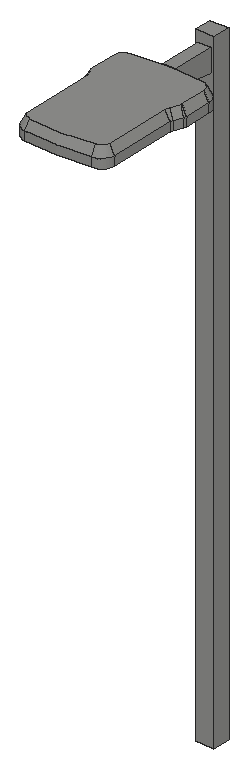
Revit family "VP-4-A", category Lighting Fixtures, host Face, Revit 2019 (continued)
Definition of nested family "SIZE4"
  Forms (in)
    Extrusion 49, solid, material <- "Glass"
      sketch origin (-5, 0, -5.875) x (-1, 0, 0) y (0, 0, -1)
        loop
          arc (-2.59181, -28.0909) -> (-2.66504, -27.91412) -> (-2.84181, -27.8409) r 0.25
          line (-2.84181, -27.8409) -> (-7.16655, -27.8409)
          arc (-7.16655, -27.8409) -> (-7.34333, -27.91412) -> (-7.41655, -28.0909) r 0.25
          line (-7.41655, -28.0909) -> (-7.41655, -32.5909)
          arc (-7.41655, -32.5909) -> (-7.34333, -32.76768) -> (-7.16655, -32.8409) r 0.25
      from 1.35 to 1.37213
    Extrusion 50, solid, material <- "Glass"
      sketch origin (0.375, 0, -11.375) x (1, 0, 0) y (0, 0, 1)
        loop
          circle (-7.47829, 32.33694) r 0.15
        loop
          circle (-6.95955, 32.33694) r 0.15
        loop
          circle (-6.4408, 32.33694) r 0.15
        loop
          circle (-5.92205, 32.33694) r 0.15
        loop
          circle (-5.4033, 32.33694) r 0.15
        loop
          circle (-4.88455, 32.33694) r 0.15
        loop
          circle (-4.3658, 32.33694) r 0.15
        loop
          circle (-3.84705, 32.33694) r 0.15
        loop
          circle (-3.32831, 32.33694) r 0.15
        loop
          circle (-7.47829, 31.83694) r 0.15
        loop
          circle (-6.95955, 31.83694) r 0.15
        loop
          circle (-6.4408, 31.83694) r 0.15
        loop
          circle (-5.92205, 31.83694) r 0.15
        loop
          circle (-5.4033, 31.83694) r 0.15
        loop
          circle (-4.88455, 31.83694) r 0.15
        loop
          circle (-4.3658, 31.83694) r 0.15
        loop
          circle (-3.84705, 31.83694) r 0.15
        loop
          circle (-3.32831, 31.83694) r 0.15
        loop
          circle (-7.47829, 31.33694) r 0.15
        loop
          circle (-6.95955, 31.33694) r 0.15
        loop
          circle (-6.4408, 31.33694) r 0.15
        loop
          circle (-5.92205, 31.33694) r 0.15
        loop
          circle (-5.4033, 31.33694) r 0.15
        loop
          circle (-4.88455, 31.33694) r 0.15
        loop
          circle (-4.3658, 31.33694) r 0.15
        loop
          circle (-3.84705, 31.33694) r 0.15
        loop
          circle (-3.32831, 31.33694) r 0.15
        loop
          circle (-7.47829, 30.83694) r 0.15
        loop
          circle (-6.95955, 30.83694) r 0.15
        loop
          circle (-6.4408, 30.83694) r 0.15
        loop
          circle (-5.92205, 30.83694) r 0.15
        loop
          circle (-5.4033, 30.83694) r 0.15
        loop
          circle (-4.88455, 30.83694) r 0.15
        loop
          circle (-4.3658, 30.83694) r 0.15
        loop
          circle (-3.84705, 30.83694) r 0.15
        loop
          circle (-3.32831, 30.83694) r 0.15
        loop
          circle (-7.47829, 30.33694) r 0.15
        loop
          circle (-6.95955, 30.33694) r 0.15
        loop
          circle (-6.4408, 30.33694) r 0.15
        loop
          circle (-5.92205, 30.33694) r 0.15
        loop
          circle (-5.4033, 30.33694) r 0.15
        loop
          circle (-4.88455, 30.33694) r 0.15
        loop
          circle (-4.3658, 30.33694) r 0.15
        loop
          circle (-3.84705, 30.33694) r 0.15
        loop
          circle (-3.32831, 30.33694) r 0.15
        loop
          circle (-7.47829, 29.83694) r 0.15
        loop
          circle (-6.95955, 29.83694) r 0.15
        loop
          circle (-6.4408, 29.83694) r 0.15
        loop
          circle (-5.92205, 29.83694) r 0.15
        loop
          circle (-5.4033, 29.83694) r 0.15
        loop
          circle (-4.88455, 29.83694) r 0.15
        loop
          circle (-4.3658, 29.83694) r 0.15
        loop
          circle (-3.84705, 29.83694) r 0.15
        loop
          circle (-3.32831, 29.83694) r 0.15
        loop
          circle (-7.47829, 29.33694) r 0.15
        loop
          circle (-6.95955, 29.33694) r 0.15
        loop
          circle (-6.4408, 29.33694) r 0.15
        loop
          circle (-5.92205, 29.33694) r 0.15
        loop
          circle (-5.4033, 29.33694) r 0.15
        loop
          circle (-4.88455, 29.33694) r 0.15
        loop
          circle (-4.3658, 29.33694) r 0.15
        loop
          circle (-3.84705, 29.33694) r 0.15
        loop
          circle (-3.32831, 29.33694) r 0.15
        loop
          circle (-7.47829, 28.83694) r 0.15
        loop
          circle (-6.95955, 28.83694) r 0.15
        loop
          circle (-6.4408, 28.83694) r 0.15
        loop
          circle (-5.92205, 28.83694) r 0.15
        loop
          circle (-5.4033, 28.83694) r 0.15
        loop
          circle (-4.88455, 28.83694) r 0.15
        loop
          circle (-4.3658, 28.83694) r 0.15
        loop
          circle (-3.84705, 28.83694) r 0.15
        loop
          circle (-3.32831, 28.83694) r 0.15
        loop
          circle (-7.47829, 28.33694) r 0.15
        loop
          circle (-6.95955, 28.33694) r 0.15
        loop
          circle (-6.4408, 28.33694) r 0.15
        loop
          circle (-5.92205, 28.33694) r 0.15
        loop
          circle (-5.4033, 28.33694) r 0.15
        loop
          circle (-4.88455, 28.33694) r 0.15
        loop
          circle (-4.3658, 28.33694) r 0.15
        loop
          circle (-3.84705, 28.33694) r 0.15
        loop
          circle (-3.32831, 28.33694) r 0.15
      from 1.35 to 1.4
    Extrusion 51, solid, material <- "Glass"
      sketch origin (0, 0, -11.375) x (1, 0, 0) y (0, 0, 1)
        loop
          arc (-7.16655, 32.8409) -> (-7.34333, 32.76768) -> (-7.41655, 32.5909) r 0.25
          line (-7.41655, 32.5909) -> (-7.41655, 28.0909)
          arc (-7.41655, 28.0909) -> (-7.34333, 27.91412) -> (-7.16655, 27.8409) r 0.25
          line (-7.16655, 27.8409) -> (-2.81123, 27.8409)
          arc (-2.81123, 27.8409) -> (-2.63446, 27.91412) -> (-2.56123, 28.0909) r 0.25
          line (-2.56123, 28.0909) -> (-2.56123, 32.5909)
          arc (-2.56123, 32.5909) -> (-2.63446, 32.76768) -> (-2.81123, 32.8409) r 0.25
          line (-2.81123, 32.8409) -> (-7.16655, 32.8409)
      from 1.35 to 1.37213
    Extrusion 52, solid, material <- "Glass"
      sketch origin (-0.375, 0, -11.375) x (-1, 0, 0) y (0, 0, -1)
        loop
          circle (-7.47829, -32.33694) r 0.15
        loop
          circle (-6.95955, -32.33694) r 0.15
        loop
          circle (-6.4408, -32.33694) r 0.15
        loop
          circle (-5.92205, -32.33694) r 0.15
        loop
          circle (-5.4033, -32.33694) r 0.15
        loop
          circle (-4.88455, -32.33694) r 0.15
        loop
          circle (-4.3658, -32.33694) r 0.15
        loop
          circle (-3.84705, -32.33694) r 0.15
        loop
          circle (-3.32831, -32.33694) r 0.15
        loop
          circle (-7.47829, -31.83694) r 0.15
        loop
          circle (-6.95955, -31.83694) r 0.15
        loop
          circle (-6.4408, -31.83694) r 0.15
        loop
          circle (-5.92205, -31.83694) r 0.15
        loop
          circle (-5.4033, -31.83694) r 0.15
        loop
          circle (-4.88455, -31.83694) r 0.15
        loop
          circle (-4.3658, -31.83694) r 0.15
        loop
          circle (-3.84705, -31.83694) r 0.15
        loop
          circle (-3.32831, -31.83694) r 0.15
        loop
          circle (-7.47829, -31.33694) r 0.15
        loop
          circle (-6.95955, -31.33694) r 0.15
        loop
          circle (-6.4408, -31.33694) r 0.15
        loop
          circle (-5.92205, -31.33694) r 0.15
        loop
          circle (-5.4033, -31.33694) r 0.15
        loop
          circle (-4.88455, -31.33694) r 0.15
        loop
          circle (-4.3658, -31.33694) r 0.15
        loop
          circle (-3.84705, -31.33694) r 0.15
        loop
          circle (-3.32831, -31.33694) r 0.15
        loop
          circle (-7.47829, -30.83694) r 0.15
        loop
          circle (-6.95955, -30.83694) r 0.15
        loop
          circle (-6.4408, -30.83694) r 0.15
        loop
          circle (-5.92205, -30.83694) r 0.15
        loop
          circle (-5.4033, -30.83694) r 0.15
        loop
          circle (-4.88455, -30.83694) r 0.15
        loop
          circle (-4.3658, -30.83694) r 0.15
        loop
          circle (-3.84705, -30.83694) r 0.15
        loop
          circle (-3.32831, -30.83694) r 0.15
        loop
          circle (-7.47829, -30.33694) r 0.15
        loop
          circle (-6.95955, -30.33694) r 0.15
        loop
          circle (-6.4408, -30.33694) r 0.15
        loop
          circle (-5.92205, -30.33694) r 0.15
        loop
          circle (-5.4033, -30.33694) r 0.15
        loop
          circle (-4.88455, -30.33694) r 0.15
        loop
          circle (-4.3658, -30.33694) r 0.15
        loop
          circle (-3.84705, -30.33694) r 0.15
        loop
          circle (-3.32831, -30.33694) r 0.15
        loop
          circle (-7.47829, -29.83694) r 0.15
        loop
          circle (-6.95955, -29.83694) r 0.15
        loop
          circle (-6.4408, -29.83694) r 0.15
        loop
          circle (-5.92205, -29.83694) r 0.15
        loop
          circle (-5.4033, -29.83694) r 0.15
        loop
          circle (-4.88455, -29.83694) r 0.15
        loop
          circle (-4.3658, -29.83694) r 0.15
        loop
          circle (-3.84705, -29.83694) r 0.15
        loop
          circle (-3.32831, -29.83694) r 0.15
        loop
          circle (-7.47829, -29.33694) r 0.15
        loop
          circle (-6.95955, -29.33694) r 0.15
        loop
          circle (-6.4408, -29.33694) r 0.15
        loop
          circle (-5.92205, -29.33694) r 0.15
        loop
          circle (-5.4033, -29.33694) r 0.15
        loop
          circle (-4.88455, -29.33694) r 0.15
        loop
          circle (-4.3658, -29.33694) r 0.15
        loop
          circle (-3.84705, -29.33694) r 0.15
        loop
          circle (-3.32831, -29.33694) r 0.15
        loop
          circle (-7.47829, -28.83694) r 0.15
        loop
          circle (-6.95955, -28.83694) r 0.15
        loop
          circle (-6.4408, -28.83694) r 0.15
        loop
          circle (-5.92205, -28.83694) r 0.15
        loop
          circle (-5.4033, -28.83694) r 0.15
        loop
          circle (-4.88455, -28.83694) r 0.15
        loop
          circle (-4.3658, -28.83694) r 0.15
        loop
          circle (-3.84705, -28.83694) r 0.15
        loop
          circle (-3.32831, -28.83694) r 0.15
        loop
          circle (-7.47829, -28.33694) r 0.15
        loop
          circle (-6.95955, -28.33694) r 0.15
        loop
          circle (-6.4408, -28.33694) r 0.15
        loop
          circle (-5.92205, -28.33694) r 0.15
        loop
          circle (-5.4033, -28.33694) r 0.15
        loop
          circle (-4.88455, -28.33694) r 0.15
        loop
          circle (-4.3658, -28.33694) r 0.15
        loop
          circle (-3.84705, -28.33694) r 0.15
        loop
          circle (-3.32831, -28.33694) r 0.15
      from 1.35 to 1.4
    Extrusion 53, solid, material <- "Glass"
      sketch origin (0, 0, -11.375) x (-1, 0, 0) y (0, 0, -1)
        loop
          line (-7.16655, -32.8409) -> (-2.84181, -32.8409)
          arc (-2.84181, -32.8409) -> (-2.66504, -32.76768) -> (-2.59181, -32.5909) r 0.25
          line (-2.59181, -32.5909) -> (-2.59181, -28.0909)
          arc (-2.59181, -28.0909) -> (-2.66504, -27.91412) -> (-2.84181, -27.8409) r 0.25
          line (-2.84181, -27.8409) -> (-7.16655, -27.8409)
          arc (-7.16655, -27.8409) -> (-7.34333, -27.91412) -> (-7.41655, -28.0909) r 0.25
          line (-7.41655, -28.0909) -> (-7.41655, -32.5909)
          arc (-7.41655, -32.5909) -> (-7.34333, -32.76768) -> (-7.16655, -32.8409) r 0.25
      from 1.35 to 1.37213
    Extrusion 54, solid, material <- "Glass"
      sketch origin (-5.375, 0, -11.375) x (-1, 0, 0) y (0, 0, -1)
        loop
          circle (-7.47829, -32.33694) r 0.15
        loop
          circle (-6.95955, -32.33694) r 0.15
        loop
          circle (-6.4408, -32.33694) r 0.15
        loop
          circle (-5.92205, -32.33694) r 0.15
        loop
          circle (-5.4033, -32.33694) r 0.15
        loop
          circle (-4.88455, -32.33694) r 0.15
        loop
          circle (-4.3658, -32.33694) r 0.15
        loop
          circle (-3.84705, -32.33694) r 0.15
        loop
          circle (-3.32831, -32.33694) r 0.15
        loop
          circle (-7.47829, -31.83694) r 0.15
        loop
          circle (-6.95955, -31.83694) r 0.15
        loop
          circle (-6.4408, -31.83694) r 0.15
        loop
          circle (-5.92205, -31.83694) r 0.15
        loop
          circle (-5.4033, -31.83694) r 0.15
        loop
          circle (-4.88455, -31.83694) r 0.15
        loop
          circle (-4.3658, -31.83694) r 0.15
        loop
          circle (-3.84705, -31.83694) r 0.15
        loop
          circle (-3.32831, -31.83694) r 0.15
        loop
          circle (-7.47829, -31.33694) r 0.15
        loop
          circle (-6.95955, -31.33694) r 0.15
        loop
          circle (-6.4408, -31.33694) r 0.15
        loop
          circle (-5.92205, -31.33694) r 0.15
        loop
          circle (-5.4033, -31.33694) r 0.15
        loop
          circle (-4.88455, -31.33694) r 0.15
        loop
          circle (-4.3658, -31.33694) r 0.15
        loop
          circle (-3.84705, -31.33694) r 0.15
        loop
          circle (-3.32831, -31.33694) r 0.15
        loop
          circle (-7.47829, -30.83694) r 0.15
        loop
          circle (-6.95955, -30.83694) r 0.15
        loop
          circle (-6.4408, -30.83694) r 0.15
        loop
          circle (-5.92205, -30.83694) r 0.15
        loop
          circle (-5.4033, -30.83694) r 0.15
        loop
          circle (-4.88455, -30.83694) r 0.15
        loop
          circle (-4.3658, -30.83694) r 0.15
        loop
          circle (-3.84705, -30.83694) r 0.15
        loop
          circle (-3.32831, -30.83694) r 0.15
        loop
          circle (-7.47829, -30.33694) r 0.15
        loop
          circle (-6.95955, -30.33694) r 0.15
        loop
          circle (-6.4408, -30.33694) r 0.15
        loop
          circle (-5.92205, -30.33694) r 0.15
        loop
          circle (-5.4033, -30.33694) r 0.15
        loop
          circle (-4.88455, -30.33694) r 0.15
        loop
          circle (-4.3658, -30.33694) r 0.15
        loop
          circle (-3.84705, -30.33694) r 0.15
        loop
          circle (-3.32831, -30.33694) r 0.15
        loop
          circle (-7.47829, -29.83694) r 0.15
        loop
          circle (-6.95955, -29.83694) r 0.15
        loop
          circle (-6.4408, -29.83694) r 0.15
        loop
          circle (-5.92205, -29.83694) r 0.15
        loop
          circle (-5.4033, -29.83694) r 0.15
        loop
          circle (-4.88455, -29.83694) r 0.15
        loop
          circle (-4.3658, -29.83694) r 0.15
        loop
          circle (-3.84705, -29.83694) r 0.15
        loop
          circle (-3.32831, -29.83694) r 0.15
        loop
          circle (-7.47829, -29.33694) r 0.15
        loop
          circle (-6.95955, -29.33694) r 0.15
        loop
          circle (-6.4408, -29.33694) r 0.15
        loop
          circle (-5.92205, -29.33694) r 0.15
        loop
          circle (-5.4033, -29.33694) r 0.15
        loop
          circle (-4.88455, -29.33694) r 0.15
        loop
          circle (-4.3658, -29.33694) r 0.15
        loop
          circle (-3.84705, -29.33694) r 0.15
        loop
          circle (-3.32831, -29.33694) r 0.15
        loop
          circle (-7.47829, -28.83694) r 0.15
        loop
          circle (-6.95955, -28.83694) r 0.15
        loop
          circle (-6.4408, -28.83694) r 0.15
        loop
          circle (-5.92205, -28.83694) r 0.15
        loop
          circle (-5.4033, -28.83694) r 0.15
        loop
          circle (-4.88455, -28.83694) r 0.15
        loop
          circle (-4.3658, -28.83694) r 0.15
        loop
          circle (-3.84705, -28.83694) r 0.15
        loop
          circle (-3.32831, -28.83694) r 0.15
        loop
          circle (-7.47829, -28.33694) r 0.15
        loop
          circle (-6.95955, -28.33694) r 0.15
        loop
          circle (-6.4408, -28.33694) r 0.15
        loop
          circle (-5.92205, -28.33694) r 0.15
        loop
          circle (-5.4033, -28.33694) r 0.15
        loop
          circle (-4.88455, -28.33694) r 0.15
        loop
          circle (-4.3658, -28.33694) r 0.15
        loop
          circle (-3.84705, -28.33694) r 0.15
        loop
          circle (-3.32831, -28.33694) r 0.15
      from 1.35 to 1.4
    Extrusion 55, solid, material <- "Glass"
      sketch origin (-5, 0, -11.375) x (-1, 0, 0) y (0, 0, -1)
        loop
          line (-7.16655, -32.8409) -> (-2.84181, -32.8409)
          arc (-2.84181, -32.8409) -> (-2.66504, -32.76768) -> (-2.59181, -32.5909) r 0.25
          line (-2.59181, -32.5909) -> (-2.59181, -28.0909)
          arc (-2.59181, -28.0909) -> (-2.66504, -27.91412) -> (-2.84181, -27.8409) r 0.25
          line (-2.84181, -27.8409) -> (-7.16655, -27.8409)
          arc (-7.16655, -27.8409) -> (-7.34333, -27.91412) -> (-7.41655, -28.0909) r 0.25
          line (-7.41655, -28.0909) -> (-7.41655, -32.5909)
          arc (-7.41655, -32.5909) -> (-7.34333, -32.76768) -> (-7.16655, -32.8409) r 0.25
      from 1.35 to 1.37213
    Extrusion 56, solid, material <- "Fixture"
      sketch origin (0.125, 0, 2.5) x (1, 0, 0) y (0, 0, 1)
        loop
          arc (8.61601, 29.87811) -> (7.91353, 31.61742) -> (6.20018, 32.38102) r 2.50448
          arc (6.20018, 32.38102) -> (-0.18326, 32.81078) -> (-6.56625, 32.37421) r 47.24839
          arc (-6.56625, 32.37421) -> (-8.20342, 31.57512) -> (-8.86601, 29.87811) r 2.50448
          line (-8.86601, 29.87811) -> (-8.86601, 16.83541)
          arc (-8.86601, 16.83541) -> (-8.89448, 16.52871) -> (-8.97892, 16.2325) r 1.66606
          line (-8.97892, 16.2325) -> (-9.6766, 14.43524)
          arc (-9.6766, 14.43524) -> (-9.74427, 14.21755) -> (-9.78142, 13.99263) r 1.65645
          line (-9.78142, 13.99263) -> (-9.78142, 8.65741)
          arc (-9.78142, 8.65741) -> (-8.97209, 6.60779) -> (-6.98078, 5.66404) r 3
          arc (-6.98078, 5.66404) -> (0.01001, 4.99965) -> (7.00057, 5.66642) r 37.04471
          arc (7.00057, 5.66642) -> (8.81758, 6.67941) -> (9.53886, 8.63067) r 3
          line (9.53886, 8.63067) -> (9.53886, 13.83581)
          arc (9.53886, 13.83581) -> (9.51055, 14.14073) -> (9.4266, 14.43524) r 1.65645
          line (9.4266, 14.43524) -> (8.72892, 16.2325)
          arc (8.72892, 16.2325) -> (8.64448, 16.52871) -> (8.61601, 16.83541) r 1.66606
          line (8.61601, 16.83541) -> (8.61601, 29.87811)
      from 0 to 1.74
    Blend 57, solid, material <- "Fixture"
      base sketch origin (0, 0, 0) x (1, 0, 0) y (0, 0, 1)
        loop
          arc (-9.5516, 16.93524) -> (-9.61927, 16.71755) -> (-9.65642, 16.49263) r 1.65645
          line (-9.65642, 16.49263) -> (-9.65642, 11.15741)
          arc (-9.65642, 11.15741) -> (-8.84709, 9.10779) -> (-6.85578, 8.16404) r 3
          arc (-6.85578, 8.16404) -> (0.13501, 7.49965) -> (7.12557, 8.16642) r 37.04471
          arc (7.12557, 8.16642) -> (8.94258, 9.17941) -> (9.66386, 11.13067) r 3
          line (9.66386, 11.13067) -> (9.66386, 16.33581)
          arc (9.66386, 16.33581) -> (9.63555, 16.64073) -> (9.5516, 16.93524) r 1.65645
          line (9.5516, 16.93524) -> (8.85392, 18.7325)
          arc (8.85392, 18.7325) -> (8.76948, 19.02871) -> (8.74101, 19.33541) r 1.66606
          line (8.74101, 19.33541) -> (8.74101, 32.37811)
          arc (8.74101, 32.37811) -> (8.03853, 34.11742) -> (6.32518, 34.88102) r 2.50448
          arc (6.32518, 34.88102) -> (-0.05826, 35.31078) -> (-6.44125, 34.87421) r 47.24839
          arc (-6.44125, 34.87421) -> (-8.07842, 34.07512) -> (-8.74101, 32.37811) r 2.50448
          line (-8.74101, 32.37811) -> (-8.74101, 19.33541)
          arc (-8.74101, 19.33541) -> (-8.76948, 19.02871) -> (-8.85392, 18.7325) r 1.66606
          line (-8.85392, 18.7325) -> (-9.5516, 16.93524)
      top sketch origin (0, 0, 0) x (1, 0, 0) y (0, 0, 1)
        loop
          line (-8.65642, 16.43436) -> (-8.65642, 11.15741)
          arc (-8.65642, 11.15741) -> (-8.09764, 9.77073) -> (-6.73353, 9.1589) r 2
          arc (-6.73353, 9.1589) -> (0.1108, 8.49965) -> (6.95577, 9.15209) r 36.04471
          arc (6.95577, 9.15209) -> (8.17777, 9.82373) -> (8.66386, 11.13067) r 2
          line (8.66386, 11.13067) -> (8.66386, 16.33581)
          arc (8.66386, 16.33581) -> (8.65264, 16.45665) -> (8.61937, 16.57336) r 0.65645
          line (8.61937, 16.57336) -> (7.9217, 18.37062)
          arc (7.9217, 18.37062) -> (7.78657, 18.84463) -> (7.74101, 19.33541) r 2.66606
          line (7.74101, 19.33541) -> (7.74101, 32.37811)
          arc (7.74101, 32.37811) -> (7.3037, 33.43858) -> (6.246, 33.88256) r 1.50448
          arc (6.246, 33.88256) -> (-0.04498, 34.31079) -> (-6.33575, 33.87932) r 46.24839
          arc (-6.33575, 33.87932) -> (-7.33487, 33.40626) -> (-7.74101, 32.37811) r 1.50448
          line (-7.74101, 32.37811) -> (-7.74101, 19.33541)
          arc (-7.74101, 19.33541) -> (-7.78657, 18.84463) -> (-7.9217, 18.37062) r 2.66606
          line (-7.9217, 18.37062) -> (-8.61937, 16.57336)
          arc (-8.61937, 16.57336) -> (-8.64172, 16.50488) -> (-8.65642, 16.43436) r 0.65645
      from 0 to -1.74
  Cuts and joins
    Extrusion 3, Extrusion 41 cuts Extrusion 2
    Extrusion 3, Extrusion 41 cuts Extrusion 56
  Dimensions and locks (in)
    equal spacing: plane 4, plane 3 "Center (Left/Right)", plane 5
    "Width": plane 4 to plane 5
    "Length": plane 7 to plane 6
    "Mount Length": plane 6 to plane 2
    aligned and locked: plane 2 to Extrusion 1
    aligned and locked: level to Extrusion 1
  Automatic sketch dimensions
    Extrusion 1 sketch curve to Extrusion 1 sketch curve = 96.00"  (x2)
    Extrusion 2 sketch curve to plane 9 = 0.00"
    Extrusion 2 sketch curve to plane 8 = 0.1611"
    plane 8 to Extrusion 2 sketch curve = 1.12955"
    Extrusion 2 sketch curve to level = 1.406"
    plane 6 to Extrusion 2 sketch curve = 1.01105"
    plane 5 to Extrusion 3 sketch curve = 1.40392"
    plane 3 "Center (Left/Right)" to Extrusion 3 sketch curve = 0.06506"
    Extrusion 3 sketch curve to plane 4 = 1.25"
    Extrusion 3 sketch curve to level = 39.4018"
    plane 6 to Extrusion 3 sketch curve = 7.65635"
    Extrusion 3 sketch curve to plane 7 = 2.31818"
    plane 5 to Extrusion 4 sketch curve = 2.15013"
    Extrusion 4 sketch curve to Extrusion 4 sketch curve = 0.35"  (x3)
    Extrusion 4 sketch curve to plane 4 = 2.50013"  (x2)
    Extrusion 4 sketch curve to plane 7 = 8.31818"
    Extrusion 4 sketch curve to plane 7 = 3.16818"
    plane 5 to Extrusion 5 sketch curve = 2.70671"
    Extrusion 5 sketch curve to Extrusion 5 sketch curve = 0.00"  (x61)
    Extrusion 5 sketch curve to Extrusion 5 sketch curve = 0.51875"  (x27)
    Extrusion 5 sketch curve to plane 7 = 7.51806"
    Extrusion 5 sketch curve to Extrusion 5 sketch curve = 0.50"  (x72)
    plane 5 to Extrusion 6 sketch curve = 2.39345"
    Extrusion 6 sketch curve to Extrusion 6 sketch curve = 0.25"  (x3)
    Extrusion 6 sketch curve to plane 3 "Center (Left/Right)" = 2.81123"  (x2)
    Extrusion 6 sketch curve to plane 7 = 8.0141"
    Extrusion 6 sketch curve to plane 7 = 3.2641"
    Extrusion 7 sketch curve to plane 4 = 2.12307"
    Extrusion 7 sketch curve to plane 8 = 0.46661"
    Extrusion 7 sketch curve to Extrusion 7 sketch curve = 0.02618"
    Extrusion 7 sketch curve to Extrusion 7 sketch curve = 0.1119"
    Extrusion 7 sketch curve to plane 8 = 0.03691"
    Extrusion 7 sketch curve to Extrusion 7 sketch curve = 0.36056"
    Extrusion 7 sketch curve to plane 8 = 0.00781"
    Extrusion 7 sketch curve to Extrusion 7 sketch curve = 0.06241"
    Extrusion 7 sketch curve to Extrusion 7 sketch curve = 0.42393"
    Extrusion 7 sketch curve to Extrusion 7 sketch curve = 0.73219"
    plane 4 to Extrusion 8 sketch curve = 2.70671"
    Extrusion 8 sketch curve to Extrusion 8 sketch curve = 0.00"  (x61)
    Extrusion 8 sketch curve to Extrusion 8 sketch curve = 0.51875"  (x27)
    plane 7 to Extrusion 8 sketch curve = 7.51806"
    Extrusion 8 sketch curve to Extrusion 8 sketch curve = 0.50"  (x72)
    plane 4 to Extrusion 9 sketch curve = 2.39345"
    Extrusion 9 sketch curve to Extrusion 9 sketch curve = 0.25"  (x3)
    Extrusion 9 sketch curve to plane 3 "Center (Left/Right)" = 2.84181"  (x2)
    plane 7 to Extrusion 9 sketch curve = 8.0141"
    plane 7 to Extrusion 9 sketch curve = 3.2641"
    plane 5 to Extrusion 10 sketch curve = 2.15013"
    Extrusion 10 sketch curve to Extrusion 10 sketch curve = 0.35"  (x3)
    Extrusion 10 sketch curve to plane 4 = 2.50013"  (x2)
    Extrusion 10 sketch curve to plane 7 = 13.81818"
    Extrusion 10 sketch curve to Extrusion 10 sketch curve = 4.80"
    Extrusion 11 sketch curve to plane 5 = 2.15013"
    Extrusion 11 sketch curve to Extrusion 11 sketch curve = 0.35"  (x3)
    plane 4 to Extrusion 11 sketch curve = 2.50013"  (x2)
    plane 7 to Extrusion 11 sketch curve = 13.81818"
    Extrusion 11 sketch curve to Extrusion 11 sketch curve = 4.80"
    Extrusion 12 sketch curve to plane 4 = 2.12307"
    Extrusion 12 sketch curve to plane 8 = 0.46661"
    Extrusion 12 sketch curve to Extrusion 12 sketch curve = 0.02618"
    Extrusion 12 sketch curve to Extrusion 12 sketch curve = 0.1119"
    Extrusion 12 sketch curve to plane 8 = 0.03691"
    Extrusion 12 sketch curve to Extrusion 12 sketch curve = 0.36056"
    Extrusion 12 sketch curve to plane 8 = 0.00781"
    Extrusion 12 sketch curve to Extrusion 12 sketch curve = 0.06241"
    Extrusion 12 sketch curve to Extrusion 12 sketch curve = 0.42393"
    Extrusion 12 sketch curve to Extrusion 12 sketch curve = 0.73219"
    Extrusion 13 sketch curve to plane 4 = 2.12307"
    Extrusion 13 sketch curve to plane 8 = 0.46661"
    Extrusion 13 sketch curve to Extrusion 13 sketch curve = 0.02618"
    Extrusion 13 sketch curve to Extrusion 13 sketch curve = 0.1119"
    Extrusion 13 sketch curve to plane 8 = 0.03691"
    Extrusion 13 sketch curve to Extrusion 13 sketch curve = 0.36056"
    Extrusion 13 sketch curve to plane 8 = 0.00781"
    Extrusion 13 sketch curve to Extrusion 13 sketch curve = 0.06241"
    Extrusion 13 sketch curve to Extrusion 13 sketch curve = 0.42393"
    Extrusion 13 sketch curve to Extrusion 13 sketch curve = 0.73219"
    Extrusion 14 sketch curve to plane 4 = 2.12307"
    Extrusion 14 sketch curve to plane 8 = 0.46661"
    Extrusion 14 sketch curve to Extrusion 14 sketch curve = 0.02618"
    Extrusion 14 sketch curve to Extrusion 14 sketch curve = 0.08572"
    Extrusion 14 sketch curve to plane 8 = 0.03691"
    Extrusion 14 sketch curve to Extrusion 14 sketch curve = 0.36056"
    Extrusion 14 sketch curve to plane 8 = 0.00781"
    Extrusion 14 sketch curve to Extrusion 14 sketch curve = 0.06241"
    Extrusion 14 sketch curve to Extrusion 14 sketch curve = 0.42393"
    Extrusion 14 sketch curve to Extrusion 14 sketch curve = 0.73219"
    Extrusion 15 sketch curve to plane 4 = 2.12307"
    Extrusion 15 sketch curve to plane 8 = 0.46661"
    Extrusion 15 sketch curve to Extrusion 15 sketch curve = 0.02618"
    Extrusion 15 sketch curve to Extrusion 15 sketch curve = 0.1119"
    Extrusion 15 sketch curve to plane 8 = 0.03691"
    Extrusion 15 sketch curve to Extrusion 15 sketch curve = 0.36056"
    Extrusion 15 sketch curve to plane 8 = 0.00781"
    Extrusion 15 sketch curve to Extrusion 15 sketch curve = 0.06241"
    Extrusion 15 sketch curve to Extrusion 15 sketch curve = 0.42393"
    Extrusion 15 sketch curve to Extrusion 15 sketch curve = 0.73219"
    Extrusion 16 sketch curve to plane 4 = 2.12307"
    Extrusion 16 sketch curve to plane 8 = 0.46661"
    Extrusion 16 sketch curve to Extrusion 16 sketch curve = 0.02618"
    Extrusion 16 sketch curve to Extrusion 16 sketch curve = 0.1119"
    Extrusion 16 sketch curve to plane 8 = 0.03691"
    Extrusion 16 sketch curve to Extrusion 16 sketch curve = 0.36056"
    Extrusion 16 sketch curve to plane 8 = 0.00781"
    Extrusion 16 sketch curve to Extrusion 16 sketch curve = 0.06241"
    Extrusion 16 sketch curve to Extrusion 16 sketch curve = 0.42393"
    Extrusion 16 sketch curve to Extrusion 16 sketch curve = 0.73219"
    Extrusion 17 sketch curve to plane 4 = 2.12307"
    Extrusion 17 sketch curve to plane 8 = 0.46661"
    Extrusion 17 sketch curve to Extrusion 17 sketch curve = 0.02618"
    Extrusion 17 sketch curve to Extrusion 17 sketch curve = 0.1119"
    Extrusion 17 sketch curve to plane 8 = 0.03691"
    Extrusion 17 sketch curve to Extrusion 17 sketch curve = 0.36056"
    Extrusion 17 sketch curve to plane 8 = 0.00781"
    Extrusion 17 sketch curve to Extrusion 17 sketch curve = 0.06241"
    Extrusion 17 sketch curve to Extrusion 17 sketch curve = 0.42393"
    Extrusion 17 sketch curve to Extrusion 17 sketch curve = 0.73219"
    Extrusion 18 sketch curve to plane 4 = 2.12307"
    Extrusion 18 sketch curve to plane 8 = 0.46661"
    Extrusion 18 sketch curve to Extrusion 18 sketch curve = 0.02618"
    Extrusion 18 sketch curve to Extrusion 18 sketch curve = 0.1119"
    Extrusion 18 sketch curve to plane 8 = 0.03691"
    Extrusion 18 sketch curve to Extrusion 18 sketch curve = 0.36056"
    Extrusion 18 sketch curve to plane 8 = 0.00781"
    Extrusion 18 sketch curve to Extrusion 18 sketch curve = 0.06241"
    Extrusion 18 sketch curve to Extrusion 18 sketch curve = 0.42393"
    Extrusion 18 sketch curve to Extrusion 18 sketch curve = 0.73219"
    Extrusion 19 sketch curve to plane 4 = 2.12307"
    Extrusion 19 sketch curve to plane 8 = 0.46661"
    Extrusion 19 sketch curve to Extrusion 19 sketch curve = 0.02618"
    Extrusion 19 sketch curve to Extrusion 19 sketch curve = 0.1119"
    Extrusion 19 sketch curve to plane 8 = 0.03691"
    Extrusion 19 sketch curve to Extrusion 19 sketch curve = 0.36056"
    Extrusion 19 sketch curve to plane 8 = 0.00781"
    Extrusion 19 sketch curve to Extrusion 19 sketch curve = 0.06241"
    Extrusion 19 sketch curve to Extrusion 19 sketch curve = 0.42393"
    Extrusion 19 sketch curve to Extrusion 19 sketch curve = 0.73219"
    Extrusion 20 sketch curve to plane 4 = 2.12307"
    Extrusion 20 sketch curve to plane 8 = 0.46661"
    Extrusion 20 sketch curve to Extrusion 20 sketch curve = 0.02618"
    Extrusion 20 sketch curve to Extrusion 20 sketch curve = 0.1119"
    Extrusion 20 sketch curve to plane 8 = 0.03691"
    Extrusion 20 sketch curve to Extrusion 20 sketch curve = 0.36056"
    Extrusion 20 sketch curve to plane 8 = 0.00781"
    Extrusion 20 sketch curve to Extrusion 20 sketch curve = 0.06241"
    Extrusion 20 sketch curve to Extrusion 20 sketch curve = 0.42393"
    Extrusion 20 sketch curve to Extrusion 20 sketch curve = 0.73219"
    Extrusion 21 sketch curve to plane 4 = 2.12307"
    Extrusion 21 sketch curve to plane 8 = 0.46661"
    Extrusion 21 sketch curve to Extrusion 21 sketch curve = 0.02618"
    Extrusion 21 sketch curve to Extrusion 21 sketch curve = 0.1119"
    Extrusion 21 sketch curve to plane 8 = 0.03691"
    Extrusion 21 sketch curve to Extrusion 21 sketch curve = 0.36056"
    Extrusion 21 sketch curve to plane 8 = 0.00781"
    Extrusion 21 sketch curve to Extrusion 21 sketch curve = 0.06241"
    Extrusion 21 sketch curve to Extrusion 21 sketch curve = 0.42393"
    Extrusion 21 sketch curve to Extrusion 21 sketch curve = 0.73219"
    Extrusion 22 sketch curve to plane 4 = 2.12307"
    Extrusion 22 sketch curve to plane 8 = 0.46661"
    Extrusion 22 sketch curve to Extrusion 22 sketch curve = 0.02618"
    Extrusion 22 sketch curve to Extrusion 22 sketch curve = 0.08572"
    Extrusion 22 sketch curve to plane 8 = 0.03691"
    Extrusion 22 sketch curve to Extrusion 22 sketch curve = 0.36056"
    Extrusion 22 sketch curve to plane 8 = 0.00781"
    Extrusion 22 sketch curve to Extrusion 22 sketch curve = 0.06241"
    Extrusion 22 sketch curve to Extrusion 22 sketch curve = 0.42393"
    Extrusion 22 sketch curve to Extrusion 22 sketch curve = 0.73219"
    Extrusion 23 sketch curve to plane 4 = 2.12307"
    Extrusion 23 sketch curve to plane 8 = 0.46661"
    Extrusion 23 sketch curve to Extrusion 23 sketch curve = 0.02618"
    Extrusion 23 sketch curve to Extrusion 23 sketch curve = 0.1119"
    Extrusion 23 sketch curve to plane 8 = 0.03691"
    Extrusion 23 sketch curve to Extrusion 23 sketch curve = 0.36056"
    Extrusion 23 sketch curve to plane 8 = 0.00781"
    Extrusion 23 sketch curve to Extrusion 23 sketch curve = 0.06241"
    Extrusion 23 sketch curve to Extrusion 23 sketch curve = 0.42393"
    Extrusion 23 sketch curve to Extrusion 23 sketch curve = 0.73219"
    Extrusion 24 sketch curve to plane 4 = 2.12307"
    Extrusion 24 sketch curve to plane 8 = 0.46661"
    Extrusion 24 sketch curve to Extrusion 24 sketch curve = 0.02618"
    Extrusion 24 sketch curve to Extrusion 24 sketch curve = 0.08572"
    Extrusion 24 sketch curve to plane 8 = 0.03691"
    Extrusion 24 sketch curve to Extrusion 24 sketch curve = 0.36056"
    Extrusion 24 sketch curve to plane 8 = 0.00781"
    Extrusion 24 sketch curve to Extrusion 24 sketch curve = 0.06241"
    Extrusion 24 sketch curve to Extrusion 24 sketch curve = 0.42393"
    Extrusion 24 sketch curve to Extrusion 24 sketch curve = 0.73219"
    Extrusion 25 sketch curve to plane 4 = 2.12307"
    Extrusion 25 sketch curve to plane 8 = 0.46661"
    Extrusion 25 sketch curve to Extrusion 25 sketch curve = 0.02618"
    Extrusion 25 sketch curve to Extrusion 25 sketch curve = 0.1119"
    Extrusion 25 sketch curve to plane 8 = 0.03691"
    Extrusion 25 sketch curve to Extrusion 25 sketch curve = 0.36056"
    Extrusion 25 sketch curve to plane 8 = 0.00781"
    Extrusion 25 sketch curve to Extrusion 25 sketch curve = 0.06241"
    Extrusion 25 sketch curve to Extrusion 25 sketch curve = 0.42393"
    Extrusion 25 sketch curve to Extrusion 25 sketch curve = 0.73219"
    plane 5 to Extrusion 26 sketch curve = 2.2012"
    Extrusion 26 sketch curve to plane 8 = 0.46661"
    Extrusion 26 sketch curve to Extrusion 26 sketch curve = 0.02618"
    Extrusion 26 sketch curve to Extrusion 26 sketch curve = 0.1119"
    Extrusion 26 sketch curve to plane 8 = 0.03691"
    Extrusion 26 sketch curve to Extrusion 26 sketch curve = 0.36056"
    Extrusion 26 sketch curve to plane 8 = 0.00781"
    Extrusion 26 sketch curve to Extrusion 26 sketch curve = 0.06241"
    Extrusion 26 sketch curve to Extrusion 26 sketch curve = 0.42393"
    Extrusion 26 sketch curve to Extrusion 26 sketch curve = 0.20146"
    plane 5 to Extrusion 27 sketch curve = 2.2012"
    Extrusion 27 sketch curve to plane 8 = 0.46661"
    Extrusion 27 sketch curve to Extrusion 27 sketch curve = 0.02618"
    Extrusion 27 sketch curve to Extrusion 27 sketch curve = 0.08572"
    Extrusion 27 sketch curve to plane 8 = 0.03691"
    Extrusion 27 sketch curve to Extrusion 27 sketch curve = 0.36056"
    Extrusion 27 sketch curve to plane 8 = 0.00781"
    Extrusion 27 sketch curve to Extrusion 27 sketch curve = 0.06241"
    Extrusion 27 sketch curve to Extrusion 27 sketch curve = 0.42393"
    Extrusion 27 sketch curve to Extrusion 27 sketch curve = 0.20146"
    plane 5 to Extrusion 28 sketch curve = 2.2012"
    Extrusion 28 sketch curve to plane 8 = 0.46661"
    Extrusion 28 sketch curve to Extrusion 28 sketch curve = 0.02618"
    Extrusion 28 sketch curve to Extrusion 28 sketch curve = 0.08572"
    Extrusion 28 sketch curve to plane 8 = 0.03691"
    Extrusion 28 sketch curve to Extrusion 28 sketch curve = 0.36056"
    Extrusion 28 sketch curve to plane 8 = 0.00781"
    Extrusion 28 sketch curve to Extrusion 28 sketch curve = 0.06241"
    Extrusion 28 sketch curve to Extrusion 28 sketch curve = 0.42393"
    Extrusion 28 sketch curve to Extrusion 28 sketch curve = 0.20146"
    plane 5 to Extrusion 29 sketch curve = 2.2012"
    Extrusion 29 sketch curve to plane 8 = 0.46661"
    Extrusion 29 sketch curve to Extrusion 29 sketch curve = 0.02618"
    Extrusion 29 sketch curve to Extrusion 29 sketch curve = 0.1119"
    Extrusion 29 sketch curve to plane 8 = 0.03691"
    Extrusion 29 sketch curve to Extrusion 29 sketch curve = 0.36056"
    Extrusion 29 sketch curve to plane 8 = 0.00781"
    Extrusion 29 sketch curve to Extrusion 29 sketch curve = 0.06241"
    Extrusion 29 sketch curve to Extrusion 29 sketch curve = 0.42393"
    Extrusion 29 sketch curve to Extrusion 29 sketch curve = 0.20146"
    plane 5 to Extrusion 30 sketch curve = 2.2012"
    Extrusion 30 sketch curve to plane 8 = 0.46661"
    Extrusion 30 sketch curve to Extrusion 30 sketch curve = 0.02618"
    Extrusion 30 sketch curve to Extrusion 30 sketch curve = 0.1119"
    Extrusion 30 sketch curve to plane 8 = 0.03691"
    Extrusion 30 sketch curve to Extrusion 30 sketch curve = 0.36056"
    Extrusion 30 sketch curve to plane 8 = 0.00781"
    Extrusion 30 sketch curve to Extrusion 30 sketch curve = 0.06241"
    Extrusion 30 sketch curve to Extrusion 30 sketch curve = 0.42393"
    Extrusion 30 sketch curve to Extrusion 30 sketch curve = 0.20146"
    plane 5 to Extrusion 31 sketch curve = 2.2012"
    Extrusion 31 sketch curve to plane 8 = 0.46661"
    Extrusion 31 sketch curve to Extrusion 31 sketch curve = 0.02618"
    Extrusion 31 sketch curve to Extrusion 31 sketch curve = 0.1119"
    Extrusion 31 sketch curve to plane 8 = 0.03691"
    Extrusion 31 sketch curve to Extrusion 31 sketch curve = 0.36056"
    Extrusion 31 sketch curve to plane 8 = 0.00781"
    Extrusion 31 sketch curve to Extrusion 31 sketch curve = 0.06241"
    Extrusion 31 sketch curve to Extrusion 31 sketch curve = 0.42393"
    Extrusion 31 sketch curve to Extrusion 31 sketch curve = 0.20146"
    plane 5 to Extrusion 32 sketch curve = 2.2012"
    Extrusion 32 sketch curve to plane 8 = 0.46661"
    Extrusion 32 sketch curve to Extrusion 32 sketch curve = 0.02618"
    Extrusion 32 sketch curve to Extrusion 32 sketch curve = 0.1119"
    Extrusion 32 sketch curve to plane 8 = 0.03691"
    Extrusion 32 sketch curve to Extrusion 32 sketch curve = 0.36056"
    Extrusion 32 sketch curve to plane 8 = 0.00781"
    Extrusion 32 sketch curve to Extrusion 32 sketch curve = 0.06241"
    Extrusion 32 sketch curve to Extrusion 32 sketch curve = 0.42393"
    Extrusion 32 sketch curve to Extrusion 32 sketch curve = 0.20146"
    plane 5 to Extrusion 33 sketch curve = 2.2012"
    Extrusion 33 sketch curve to plane 8 = 0.46661"
    Extrusion 33 sketch curve to Extrusion 33 sketch curve = 0.02618"
    Extrusion 33 sketch curve to Extrusion 33 sketch curve = 0.08572"
    Extrusion 33 sketch curve to plane 8 = 0.03691"
    Extrusion 33 sketch curve to Extrusion 33 sketch curve = 0.36056"
    Extrusion 33 sketch curve to plane 8 = 0.00781"
    Extrusion 33 sketch curve to Extrusion 33 sketch curve = 0.06241"
    Extrusion 33 sketch curve to Extrusion 33 sketch curve = 0.42393"
    Extrusion 33 sketch curve to Extrusion 33 sketch curve = 0.20146"
    plane 5 to Extrusion 34 sketch curve = 2.2012"
    Extrusion 34 sketch curve to plane 8 = 0.46661"
    Extrusion 34 sketch curve to Extrusion 34 sketch curve = 0.02618"
    Extrusion 34 sketch curve to Extrusion 34 sketch curve = 0.1119"
    Extrusion 34 sketch curve to plane 8 = 0.03691"
    Extrusion 34 sketch curve to Extrusion 34 sketch curve = 0.36056"
    Extrusion 34 sketch curve to plane 8 = 0.00781"
    Extrusion 34 sketch curve to Extrusion 34 sketch curve = 0.06241"
    Extrusion 34 sketch curve to Extrusion 34 sketch curve = 0.42393"
    Extrusion 34 sketch curve to Extrusion 34 sketch curve = 0.20146"
    plane 5 to Extrusion 35 sketch curve = 2.2012"
    Extrusion 35 sketch curve to plane 8 = 0.46661"
    Extrusion 35 sketch curve to Extrusion 35 sketch curve = 0.02618"
    Extrusion 35 sketch curve to Extrusion 35 sketch curve = 0.08572"
    Extrusion 35 sketch curve to plane 8 = 0.03691"
    Extrusion 35 sketch curve to Extrusion 35 sketch curve = 0.36056"
    Extrusion 35 sketch curve to plane 8 = 0.00781"
    Extrusion 35 sketch curve to Extrusion 35 sketch curve = 0.06241"
    Extrusion 35 sketch curve to Extrusion 35 sketch curve = 0.42393"
    Extrusion 35 sketch curve to Extrusion 35 sketch curve = 0.20146"
    plane 5 to Extrusion 36 sketch curve = 2.2012"
    Extrusion 36 sketch curve to plane 8 = 0.46661"
    Extrusion 36 sketch curve to Extrusion 36 sketch curve = 0.02618"
    Extrusion 36 sketch curve to Extrusion 36 sketch curve = 0.1119"
    Extrusion 36 sketch curve to plane 8 = 0.03691"
    Extrusion 36 sketch curve to Extrusion 36 sketch curve = 0.36056"
    Extrusion 36 sketch curve to plane 8 = 0.00781"
    Extrusion 36 sketch curve to Extrusion 36 sketch curve = 0.06241"
    Extrusion 36 sketch curve to Extrusion 36 sketch curve = 0.42393"
    Extrusion 36 sketch curve to Extrusion 36 sketch curve = 0.20146"
    plane 5 to Extrusion 37 sketch curve = 2.2012"
    Extrusion 37 sketch curve to plane 8 = 0.46661"
    Extrusion 37 sketch curve to Extrusion 37 sketch curve = 0.02618"
    Extrusion 37 sketch curve to Extrusion 37 sketch curve = 0.1119"
    Extrusion 37 sketch curve to plane 8 = 0.03691"
    Extrusion 37 sketch curve to Extrusion 37 sketch curve = 0.36056"
    Extrusion 37 sketch curve to plane 8 = 0.00781"
    Extrusion 37 sketch curve to Extrusion 37 sketch curve = 0.06241"
    Extrusion 37 sketch curve to Extrusion 37 sketch curve = 0.42393"
    Extrusion 37 sketch curve to Extrusion 37 sketch curve = 0.20146"
    plane 5 to Extrusion 38 sketch curve = 2.2012"
    Extrusion 38 sketch curve to plane 8 = 0.46661"
    Extrusion 38 sketch curve to Extrusion 38 sketch curve = 0.02618"
    Extrusion 38 sketch curve to Extrusion 38 sketch curve = 0.1119"
    Extrusion 38 sketch curve to plane 8 = 0.03691"
    Extrusion 38 sketch curve to Extrusion 38 sketch curve = 0.36056"
    Extrusion 38 sketch curve to plane 8 = 0.00781"
    Extrusion 38 sketch curve to Extrusion 38 sketch curve = 0.06241"
    Extrusion 38 sketch curve to Extrusion 38 sketch curve = 0.42393"
    Extrusion 38 sketch curve to Extrusion 38 sketch curve = 0.20146"
    plane 5 to Extrusion 39 sketch curve = 2.2012"
    Extrusion 39 sketch curve to plane 8 = 0.46661"
    Extrusion 39 sketch curve to Extrusion 39 sketch curve = 0.02618"
    Extrusion 39 sketch curve to Extrusion 39 sketch curve = 0.08572"
    Extrusion 39 sketch curve to plane 8 = 0.03691"
    Extrusion 39 sketch curve to Extrusion 39 sketch curve = 0.36056"
    Extrusion 39 sketch curve to plane 8 = 0.00781"
    Extrusion 39 sketch curve to Extrusion 39 sketch curve = 0.06241"
    Extrusion 39 sketch curve to Extrusion 39 sketch curve = 0.42393"
    Extrusion 39 sketch curve to Extrusion 39 sketch curve = 0.20146"
    plane 5 to Extrusion 40 sketch curve = 2.2012"
    Extrusion 40 sketch curve to plane 8 = 0.46661"
    Extrusion 40 sketch curve to Extrusion 40 sketch curve = 0.02618"
    Extrusion 40 sketch curve to Extrusion 40 sketch curve = 0.1119"
    Extrusion 40 sketch curve to plane 8 = 0.03691"
    Extrusion 40 sketch curve to Extrusion 40 sketch curve = 0.36056"
    Extrusion 40 sketch curve to plane 8 = 0.00781"
    Extrusion 40 sketch curve to Extrusion 40 sketch curve = 0.06241"
    Extrusion 40 sketch curve to Extrusion 40 sketch curve = 0.42393"
    Extrusion 40 sketch curve to Extrusion 40 sketch curve = 0.20146"
    plane 5 to Extrusion 41 sketch curve = 1.10793"
    plane 5 to Extrusion 41 sketch curve = 1.19965"
    Extrusion 41 sketch curve to Extrusion 41 sketch curve = 0.00"  (x2)
    Extrusion 41 sketch curve to plane 3 "Center (Left/Right)" = 0.00354"  (x6)
    Extrusion 41 sketch curve to plane 4 = 1.32465"
    Extrusion 41 sketch curve to plane 4 = 1.24"
    plane 6 to Extrusion 41 sketch curve = 3.30595"
    level to Extrusion 41 sketch curve = 10.85354"
    Extrusion 41 sketch curve to Extrusion 41 sketch curve = 0.27147"  (x2)
    Extrusion 41 sketch curve to Extrusion 41 sketch curve = 0.27118"  (x2)
    Extrusion 41 sketch curve to Extrusion 41 sketch curve = 0.47853"
    Extrusion 41 sketch curve to Extrusion 41 sketch curve = 0.47882"
    Extrusion 41 sketch curve to Extrusion 41 sketch curve = 1.01281"
    Extrusion 41 sketch curve to Extrusion 41 sketch curve = 1.01649"
    Extrusion 41 sketch curve to Extrusion 41 sketch curve = 1.00"  (x2)
    Extrusion 42 sketch curve to plane 3 "Center (Left/Right)" = 2.10329"
    Extrusion 42 sketch curve to Extrusion 42 sketch curve = 0.00"  (x51)
    Extrusion 42 sketch curve to Extrusion 42 sketch curve = 0.51875"  (x19)
    Extrusion 42 sketch curve to plane 3 "Center (Left/Right)" = 0.0283"  (x9)
    plane 3 "Center (Left/Right)" to Extrusion 42 sketch curve = 0.49045"  (x9)
    plane 7 to Extrusion 42 sketch curve = 7.51806"
    Extrusion 42 sketch curve to Extrusion 42 sketch curve = 0.50"  (x72)
    Extrusion 43 sketch curve to plane 3 "Center (Left/Right)" = 2.41655"
    Extrusion 43 sketch curve to Extrusion 43 sketch curve = 0.25"  (x3)
    plane 3 "Center (Left/Right)" to Extrusion 43 sketch curve = 2.15819"  (x2)
    plane 7 to Extrusion 43 sketch curve = 8.0141"
    plane 7 to Extrusion 43 sketch curve = 3.2641"
    plane 5 to Extrusion 44 sketch curve = 2.70671"
    Extrusion 44 sketch curve to Extrusion 44 sketch curve = 0.00"  (x61)
    Extrusion 44 sketch curve to Extrusion 44 sketch curve = 0.51875"  (x27)
    Extrusion 44 sketch curve to plane 7 = 13.01806"
    Extrusion 44 sketch curve to Extrusion 44 sketch curve = 0.50"  (x72)
    plane 5 to Extrusion 45 sketch curve = 2.39345"
    Extrusion 45 sketch curve to Extrusion 45 sketch curve = 0.25"  (x3)
    Extrusion 45 sketch curve to plane 3 "Center (Left/Right)" = 2.81123"  (x2)
    Extrusion 45 sketch curve to plane 7 = 13.5141"
    Extrusion 45 sketch curve to Extrusion 45 sketch curve = 4.50"
    plane 4 to Extrusion 46 sketch curve = 2.70671"
    Extrusion 46 sketch curve to Extrusion 46 sketch curve = 0.00"  (x61)
    Extrusion 46 sketch curve to Extrusion 46 sketch curve = 0.51875"  (x27)
    plane 7 to Extrusion 46 sketch curve = 13.01806"
    Extrusion 46 sketch curve to Extrusion 46 sketch curve = 0.50"  (x72)
    plane 4 to Extrusion 47 sketch curve = 2.39345"
    Extrusion 47 sketch curve to Extrusion 47 sketch curve = 0.25"  (x3)
    Extrusion 47 sketch curve to plane 3 "Center (Left/Right)" = 2.84181"  (x2)
    plane 7 to Extrusion 47 sketch curve = 13.5141"
    Extrusion 47 sketch curve to Extrusion 47 sketch curve = 4.50"
    Extrusion 48 sketch curve to plane 3 "Center (Left/Right)" = 2.10329"
    Extrusion 48 sketch curve to Extrusion 48 sketch curve = 0.00"  (x51)
    Extrusion 48 sketch curve to Extrusion 48 sketch curve = 0.51875"  (x19)
    Extrusion 48 sketch curve to plane 3 "Center (Left/Right)" = 0.0283"  (x9)
    plane 3 "Center (Left/Right)" to Extrusion 48 sketch curve = 0.49045"  (x9)
    plane 7 to Extrusion 48 sketch curve = 13.01806"
    Extrusion 48 sketch curve to Extrusion 48 sketch curve = 0.50"  (x72)
    Extrusion 49 sketch curve to plane 3 "Center (Left/Right)" = 2.41655"
    Extrusion 49 sketch curve to Extrusion 49 sketch curve = 0.25"  (x3)
    plane 3 "Center (Left/Right)" to Extrusion 49 sketch curve = 2.15819"  (x2)
    plane 7 to Extrusion 49 sketch curve = 13.5141"
    Extrusion 49 sketch curve to Extrusion 49 sketch curve = 4.50"
    plane 5 to Extrusion 50 sketch curve = 2.70671"
    Extrusion 50 sketch curve to Extrusion 50 sketch curve = 0.00"  (x61)
    Extrusion 50 sketch curve to Extrusion 50 sketch curve = 0.51875"  (x27)
    plane 6 to Extrusion 50 sketch curve = 9.46194"
    Extrusion 50 sketch curve to Extrusion 50 sketch curve = 0.50"  (x72)
    plane 5 to Extrusion 51 sketch curve = 2.39345"
    Extrusion 51 sketch curve to Extrusion 51 sketch curve = 0.25"  (x3)
    Extrusion 51 sketch curve to plane 3 "Center (Left/Right)" = 2.81123"  (x2)
    plane 6 to Extrusion 51 sketch curve = 8.9659"
    Extrusion 51 sketch curve to Extrusion 51 sketch curve = 4.50"
    plane 4 to Extrusion 52 sketch curve = 2.70671"
    Extrusion 52 sketch curve to Extrusion 52 sketch curve = 0.00"  (x61)
    Extrusion 52 sketch curve to Extrusion 52 sketch curve = 0.51875"  (x27)
    Extrusion 52 sketch curve to plane 6 = 9.46194"
    Extrusion 52 sketch curve to Extrusion 52 sketch curve = 0.50"  (x72)
    plane 4 to Extrusion 53 sketch curve = 2.39345"
    Extrusion 53 sketch curve to Extrusion 53 sketch curve = 0.25"  (x3)
    Extrusion 53 sketch curve to plane 3 "Center (Left/Right)" = 2.84181"  (x2)
    Extrusion 53 sketch curve to plane 6 = 8.9659"
    Extrusion 53 sketch curve to Extrusion 53 sketch curve = 4.50"
    Extrusion 54 sketch curve to plane 3 "Center (Left/Right)" = 2.10329"
    Extrusion 54 sketch curve to Extrusion 54 sketch curve = 0.00"  (x51)
    Extrusion 54 sketch curve to Extrusion 54 sketch curve = 0.51875"  (x19)
    Extrusion 54 sketch curve to plane 3 "Center (Left/Right)" = 0.0283"  (x9)
    plane 3 "Center (Left/Right)" to Extrusion 54 sketch curve = 0.49045"  (x9)
    Extrusion 54 sketch curve to plane 6 = 9.46194"
    Extrusion 54 sketch curve to Extrusion 54 sketch curve = 0.50"  (x72)
    Extrusion 55 sketch curve to plane 3 "Center (Left/Right)" = 2.41655"
    Extrusion 55 sketch curve to Extrusion 55 sketch curve = 0.25"  (x3)
    plane 3 "Center (Left/Right)" to Extrusion 55 sketch curve = 2.15819"  (x2)
    Extrusion 55 sketch curve to plane 6 = 8.9659"
    Extrusion 55 sketch curve to Extrusion 55 sketch curve = 4.50"
    Extrusion 56 sketch curve to plane 5 = 0.59706"
    plane 5 to Extrusion 56 sketch curve = 0.2584"
    plane 5 to Extrusion 56 sketch curve = 0.95608"
    plane 5 to Extrusion 56 sketch curve = 1.06899"
    Extrusion 56 sketch curve to Extrusion 56 sketch curve = 1.54418"
    plane 5 to Extrusion 56 sketch curve = 3.15358"
    Extrusion 56 sketch curve to Extrusion 56 sketch curve = 2.50448"
    Extrusion 56 sketch curve to plane 3 "Center (Left/Right)" = 0.03305"
    plane 3 "Center (Left/Right)" to Extrusion 56 sketch curve = 0.12872"
    Extrusion 56 sketch curve to plane 4 = 3.57348"
    Extrusion 56 sketch curve to plane 4 = 3.14614"
    Extrusion 56 sketch curve to plane 4 = 1.80258"
    Extrusion 56 sketch curve to plane 4 = 1.06899"
    Extrusion 56 sketch curve to Extrusion 56 sketch curve = 0.11292"
    Extrusion 56 sketch curve to plane 4 = 0.2584"
    Extrusion 56 sketch curve to plane 4 = 0.14614"
    plane 4 to Extrusion 56 sketch curve = 0.59706"
    Extrusion 56 sketch curve to level = 11.9376"
    plane 6 to Extrusion 56 sketch curve = 3.63067"
    plane 6 to Extrusion 56 sketch curve = 3.65741"
    Extrusion 56 sketch curve to Extrusion 56 sketch curve = 5.17839"
    Extrusion 56 sketch curve to Extrusion 56 sketch curve = 5.20513"
    Extrusion 56 sketch curve to Extrusion 56 sketch curve = 0.44261"
    Extrusion 56 sketch curve to Extrusion 56 sketch curve = 1.79726"  (x2)
    Extrusion 56 sketch curve to plane 7 = 3.10189"
    Extrusion 56 sketch curve to Extrusion 56 sketch curve = 13.0427"
    plane 7 to Extrusion 56 sketch curve = 9.06436"
    plane 5 to Extrusion 56 sketch curve = 0.15358"
    plane 6 to Extrusion 56 sketch curve = 0.66404"
    Extrusion 56 sketch curve to plane 7 = 0.60579"
    Blend 57 sketch curve to plane 5 = 0.59706"  (x2)
    plane 5 to Blend 57 sketch curve = 0.15358"
    plane 5 to Blend 57 sketch curve = 0.2584"
    plane 5 to Blend 57 sketch curve = 0.95608"
    Blend 57 sketch curve to Blend 57 sketch curve = 0.11292"  (x2)
    Blend 57 sketch curve to Blend 57 sketch curve = 1.64901"
    Blend 57 sketch curve to Blend 57 sketch curve = 3.00"
    Blend 57 sketch curve to Blend 57 sketch curve = 2.50448"
    Blend 57 sketch curve to plane 3 "Center (Left/Right)" = 0.03305"  (x2)
    plane 3 "Center (Left/Right)" to Blend 57 sketch curve = 0.12872"  (x2)
    Blend 57 sketch curve to plane 4 = 3.57348"  (x2)
    Blend 57 sketch curve to plane 4 = 3.14614"  (x2)
    Blend 57 sketch curve to plane 4 = 1.80258"  (x2)
    Blend 57 sketch curve to plane 4 = 1.06899"
    Blend 57 sketch curve to plane 4 = 0.2584"
    Blend 57 sketch curve to plane 4 = 0.14614"
    plane 4 to Blend 57 sketch curve = 0.59706"  (x2)
    Blend 57 sketch curve to level = 11.9376"  (x2)
    plane 6 to Blend 57 sketch curve = 3.63067"  (x2)
    level to Blend 57 sketch curve = 11.15741"  (x2)
    Blend 57 sketch curve to Blend 57 sketch curve = 5.17839"  (x2)
    Blend 57 sketch curve to Blend 57 sketch curve = 5.20513"  (x2)
    Blend 57 sketch curve to Blend 57 sketch curve = 0.15682"
    Blend 57 sketch curve to Blend 57 sketch curve = 1.79726"  (x4)
    Blend 57 sketch curve to plane 7 = 3.10189"  (x2)
    Blend 57 sketch curve to Blend 57 sketch curve = 0.00"  (x2)
    plane 7 to Blend 57 sketch curve = 9.06436"  (x2)
    plane 6 to Blend 57 sketch curve = 0.66404"
    Blend 57 sketch curve to plane 7 = 0.60579"
    plane 5 to Blend 57 sketch curve = 1.15358"
    Blend 57 sketch curve to Blend 57 sketch curve = 0.03705"
    Blend 57 sketch curve to Blend 57 sketch curve = 0.64901"
    plane 5 to Blend 57 sketch curve = 1.8883"
    plane 5 to Blend 57 sketch curve = 2.06899"
    Blend 57 sketch curve to Blend 57 sketch curve = 2.00"
    Blend 57 sketch curve to Blend 57 sketch curve = 1.50448"
    Blend 57 sketch curve to plane 4 = 2.06899"
    Blend 57 sketch curve to Blend 57 sketch curve = 0.18069"
    Blend 57 sketch curve to Blend 57 sketch curve = 0.61196"
    Blend 57 sketch curve to plane 4 = 1.14614"
    Blend 57 sketch curve to Blend 57 sketch curve = 0.09855"
    Blend 57 sketch curve to Blend 57 sketch curve = 0.0771"
    Blend 57 sketch curve to Blend 57 sketch curve = 0.09922"
    radius of Extrusion 5 sketch curve = 0.15"  (x81)
    radius of Extrusion 8 sketch curve = 0.15"  (x81)
    radius of Extrusion 42 sketch curve = 0.15"  (x81)
    radius of Extrusion 44 sketch curve = 0.15"  (x81)
    radius of Extrusion 46 sketch curve = 0.15"  (x81)
    radius of Extrusion 48 sketch curve = 0.15"  (x81)
    radius of Extrusion 50 sketch curve = 0.15"  (x81)
    radius of Extrusion 52 sketch curve = 0.15"  (x81)
    radius of Extrusion 54 sketch curve = 0.15"  (x81)
